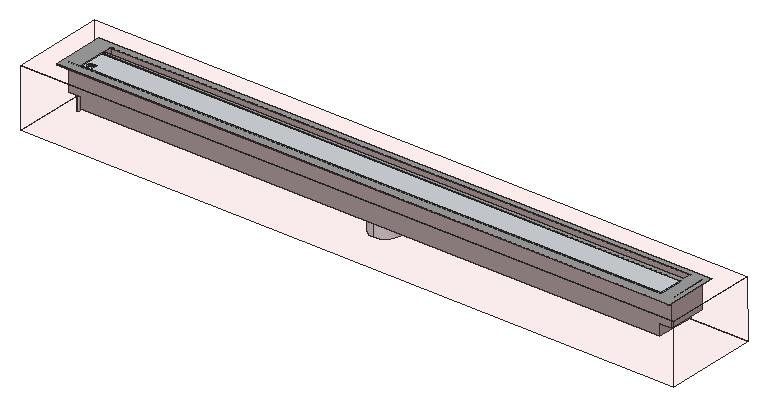
Revit family "York CB-ABW-YK - Sidewall Active Chilled Beam, Face Base, Revit 2015 R1.0", category Mechanical Equipment, host Face, Revit 2015
Parameters (values of type "CB-ABW-YK")
  X Blade distance = 1/2"  # constant formula
  Water Connection Location Selection = 0
  Select the Water-Coil Connection Side = 1
  Velocity Pressure [instance] = 0.00 in-wg
  URL = "http://www.york.com"
  Total Static Pressure [instance] = 0.00 in-wg
  Total Heating Capacity [instance] = 0.0 Btu/h
  York Products [instance] = "http://www.york.com/for-your-workplace/air-systems/chilled-beams"
  Throw [instance] = "0"
  Supply Air Pressure Drop [instance] = 0.00 in-wg
  Series [instance] = "Chilled Beam"  # constant formula
  Sensible Cooling Capacity [instance] = 0.0 Btu/h
  Selected Pipe Connection Type [instance] = if([SWT - Sweat], "SWT - Sweat", if([MPT - Male Pipe Thread], "MPT - Male Pipe Thread", if([H12 - SS Flex Hose - 12 inch], "H12 - SS Flex Hose - 12inch", if([H18 - SS Flex Hose - 18 inch], "H18 - SS Flex Hose - 18inch", if([H24 - SS Flex Hose - 24 inch], "H24 - SS Flex Hose - 24inch", "Invalid Selection")))))  # "SWT - Sweat"
  Selected Air Nozzle Configuration [instance] = if(B1, "B1", if(B2, "B2", if(B3, "B3", if(B4, "B4", ""))))  # "B1"
  Selected Nominal Beam Length [instance] = if([2 ft], "2ft", if([3 ft], "3ft", if([4 ft], "4ft", if([5 ft], "5ft", if([6 ft], "6ft", if([7 ft], "7ft", if([8 ft], "8ft", if([9 ft], "9ft", if([10 ft], "10ft", "Invalid Selection")))))))))  # "10ft"
  Selected Air Inlet Size [instance] = if([4" Dia.], "4'' Dia.", if([5" Dia.], "5'' Dia.", if([6" Dia.], "6'' Dia.", if([8" Oval Inlet], "8'' Oval Inlet", "Invalid Selected"))))  # "6'' Dia."
  Select a Return Grille Type = 2
  Select a Finish = ""
  Relative Humidity [instance] = 0.00%
  Product Manufacture [instance] = "York"  # constant formula
  Product Documents [instance] = "http://www.york.com/for-your-workplace/air-systems/chilled-beams/side-wall-concealed-active-chilled-beams"
  Pipe Connector cold Supply = "CWF"
  Pipe Connector Hot Supply = "HWF"
  Pipe Connector Hot Return = "HWR"
  Pipe Connector Cold Return = "CWR"
  Manufacturer = "York"  # constant formula
  Description = "Sidewall / Bulkhead Mounted Active Chilled Beam"  # constant formula
  Controller Software [instance] = "http://www.york.com/Search?searchString=software#"
  Performance Data Sheets [instance] = "http://www.johnsoncontrols.com/-/media/jci/be/united-states/airside-systems/chilled-beams/files/york-chilled-beam-active-sidewall.pdf?la=en"
  Perforated Circle R = 1/4"  # constant formula
  Oval Inlet Visible = [8" Oval Inlet]  # no
  Noise Criteria (dB) [instance] = 0
  Neck Velocity [instance] = 0 FPM
  Neck Size = 0"
  Min Flow (CFM) [instance] = 0 CFM
  Max Flow (CFM) [instance] = 0 CFM
  Material Selected [instance] = "Casing:  G90 20GA Galvanealed sheet metal"  # constant formula
  Hot Pipe Dia = Hot Water pipe R * 2  # 1/2"
  Heating Water Leaving Temperature [instance] = -459.67 °F
  Heating Water Entering Temperature [instance] = -459.67 °F
  Heating Water Connection Diameter [instance] = 0"
  Heating Water Capacity [instance] = 0.0 Btu/h
  Heating Leaving Dry Bulb Temperature [instance] = -459.67 °F
  Heating Entering Dry Bulb Temperature [instance] = -459.67 °F
  Heating Coil Water Pressure Drop [instance] = 0.00 psi
  Heating Air Capacity [instance] = 0.0 Btu/h
  Select the Plenum Liner (External) = 1
  Design Supply Air Flow [instance] = 0 CFM
  Cooling Water Capacity [instance] = 0.0 Btu/h
  Cooling Leaving Dry Bulb Temperature [instance] = -459.67 °F
  Cooling Entering Dry Bulb Temperature [instance] = -459.67 °F
  Cooling Coil Water Pressure Drop [instance] = 0.00 psi
  Cooling Air Capacity [instance] = 0.0 Btu/h
  Cold Pipe Dia = Cold Water Pipe R * 2  # 1/2"
  Select a Water-Coil Type = 1
  Coil Accessory [instance] = ""
  Clerance [instance] = yes
  Clearance border = 4"  # constant formula
  Clearance = Clearance
  Circular Inlet Visible = not([8" Oval Inlet])  # yes
  Chilled Water Leaving Temperature [instance] = -459.67 °F
  Chilled Water Entering Temperature [instance] = -459.67 °F
  Chilled Water Connection Diameter [instance] = 0"
  Model Description [instance] = if(and([2P1C - 2 Pipe Coil], [L - Left Hand]), " CB-ABW-YK, 2 - Pipe Coil, Left Hand", if(and([2P1C - 2 Pipe Coil], [R - Right Hand]), "CB-ABW-YK, 2 - Pipe Coil, Right Hand", if(and([4P1C - 4 Pipe Coil], [L - Left Hand]), " CB-ABW-YK, 4 - Pipe Coil, Left Hand", if(and([4P1C - 4 Pipe Coil], [R - Right Hand]), " CB-ABW-YK, 4 - Pipe Coil, Right Hand", " Select Model"))))  # " CB-ABW-YK, 2 - Pipe Coil, Left Hand"
  Model = if(and([2P1C - 2 Pipe Coil], [L - Left Hand]), " CB-ABW-YK, 2 - Pipe Coil, Left Hand", if(and([2P1C - 2 Pipe Coil], [R - Right Hand]), "CB-ABW-YK, 2 - Pipe Coil, Right Hand", if(and([4P1C - 4 Pipe Coil], [L - Left Hand]), " CB-ABW-YK, 4 - Pipe Coil, Left Hand", if(and([4P1C - 4 Pipe Coil], [R - Right Hand]), " CB-ABW-YK, 4 - Pipe Coil, Right Hand", " Select Model"))))  # " CB-ABW-YK, 2 - Pipe Coil, Left Hand"
  Material = Casing:  G90 20GA Galvanealed sheet metal
  Selected Finish [instance] = if([26 - White], "26 - White", if([84 - Black Paint], "84 - Black Paint", " Select Finish"))  # "26 - White"
  Copyright © [instance] = "©2018, York"  # constant formula
  Contact a York Rep [instance] = "http://www.york.com/for-your-home/find-a-dealer?q="
  M - Manual Air Vent [instance] = 1 = 1  # yes
  Blade Length = C - (3.35" * 2)  # 115.425"
  Selected Model [instance] = Model Description  # " CB-ABW-YK, 2 - Pipe Coil, Left Hand"
  Room Tag [instance] = "Enter Tag Here"
  Select a Pipe Connection Type = 1
  H24 - SS Flex Hose - 24 inch = or(Select a Pipe Connection Type > 4, Select a Pipe Connection Type = 5)  # no
  H18 - SS Flex Hose - 18 inch = Select a Pipe Connection Type = 4  # no
  H12 - SS Flex Hose - 12 inch = Select a Pipe Connection Type = 3  # no
  MPT - Male Pipe Thread = Select a Pipe Connection Type = 2  # no
  SWT - Sweat = or(Select a Pipe Connection Type < 1, Select a Pipe Connection Type = 1)  # yes
  D - Drain [instance] = no
  Ambient Temperature [instance] = -459.67 °F
  Air Flow Pattern [instance] = "0"
  Actual Heating Water Flow [instance] = 0 GPM
  Actual Chilled Water Flow [instance] = 0 GPM
  0 - No Insulation = [Select the Plenum Liner (External)] < 2  # yes
  Selected Water-Coil Connection Location [instance] = if([2P1C - 2 Pipe Coil], if([L - Left Hand], "L - Left Hand CW Connection ", "R - Right Hand CW Connection"), if([L - Left Hand], "L - Left Hand CW Connection and RT side HW conection", "R - Right Hand CW Connection and LT side HW conection"))  # "L - Left Hand CW Connection "
  R - Right Hand = [Select the Water-Coil Connection Side] > 1  # no
  Selected Plenum Liner (External) [instance] = if([L - ½ in Ecosheild (Foil Face)], "L - ½ in Ecosheild (Foil Face)", "0 - No Insulation")  # "0 - No Insulation"
  L - ½ in Ecosheild (Foil Face) = [Select the Plenum Liner (External)] > 1  # no
  L - Left Hand = [Select the Water-Coil Connection Side] < 2  # yes
  Selected Water-Coil Type [instance] = if([2P1C - 2 Pipe Coil], "2P1C - 2 Pipe Coil", "4P1C - 4 Pipe Coil")  # "2P1C - 2 Pipe Coil"
  Circular Perforation = Select a Return Grille Type > 1  # yes
  Selected Return Grille Type [instance] = if(Linear Bar Grille, "Linear Bar Grille", "Circular Perforation")  # "Circular Perforation"
  Select an Air Nozzle Configuration = 1
  Linear Bar Grille = Select a Return Grille Type < 2  # no
  B4 = or(Select an Air Nozzle Configuration = 4, Select an Air Nozzle Configuration > 3)  # no
  B3 = Select an Air Nozzle Configuration = 3  # no
  B2 = Select an Air Nozzle Configuration = 2  # no
  B1 = or(Select an Air Nozzle Configuration = 1, Select an Air Nozzle Configuration < 1)  # yes
  B - Other Nominal Inlet = 3 7/8"
  A - Other Nominal Length = 24"
  Cold Water Pipe R = 1/4"  # constant formula
  Outer Flange W = 10 1/2"  # constant formula
  Select a Nominal Beam Length = 9
  Select the Nominal Air Inlet Size = 3
  Hot Water pipe R = 1/4"  # constant formula
  Default Elevation = 48"
  C - Other Nominal Length = C  # 122 1/8"
  C = A + 2 1/8"  # 122 1/8"
  B = if([4" Dia.], 3 7/8", if([5" Dia.], 4 7/8", if([6" Dia.], 5 7/8", if([8" Oval Inlet], 5 1/4", [B - Other Nominal Inlet]))))  # 5 7/8"
  Angle of Hot Water = if([L - Left Hand], 180.00°, 0.00°)  # 180.00°
  Angle L = (C - (2 1/16" * 2)) / 2  # 59"
  Angle of cold water = if([L - Left Hand], 0.00°, 180.00°)  # 0.00°
  A = if([2 ft], 24", if([3 ft], 36", if([4 ft], 48", if([5 ft], 60", if([6 ft], 72", if([7 ft], 84", if([8 ft], 96", if([9 ft], 108", if([10 ft], 120", [A - Other Nominal Length])))))))))  # 120"
  9 ft = Select a Nominal Beam Length = 8  # no
  8 ft = Select a Nominal Beam Length = 7  # no
  84 - Black Paint = not([26 - White])  # no
  8" Oval Inlet = or(Select the Nominal Air Inlet Size > 4, Select the Nominal Air Inlet Size = 4)  # no
  7 ft = Select a Nominal Beam Length = 6  # no
  6 ft = Select a Nominal Beam Length = 5  # no
  6" Dia. = Select the Nominal Air Inlet Size = 3  # yes
  5 ft = Select a Nominal Beam Length = 4  # no
  5" Dia. = Select the Nominal Air Inlet Size = 2  # no
  4 ft = Select a Nominal Beam Length = 3  # no
  4" Dia. = or(Select the Nominal Air Inlet Size < 1, Select the Nominal Air Inlet Size = 1)  # no
  3 ft = Select a Nominal Beam Length = 2  # no
  2 ft = or(Select a Nominal Beam Length < 1, Select a Nominal Beam Length = 1)  # no
  26 - White = yes
  4P1C - 4 Pipe Coil = [Select a Water-Coil Type] > 1  # no
  2P1C - 2 Pipe Coil = [Select a Water-Coil Type] < 2  # yes
  10 ft = or(Select a Nominal Beam Length = 9, Select a Nominal Beam Length > 9)  # yes
  (2) Back Supply = Water Connection Location Selection > 1  # no
  (1) Front Supply = Water Connection Location Selection = 1  # no
  (0) Front and Back Supply = Water Connection Location Selection < 1  # yes
Reference planes (in)
  plane 1 "Center (Front/Back)": y = 0
  plane 2: z = 0
  plane 3 "Center (Left/Right)": x = 0
  plane 4: x = -61.0625
  plane 5: x = 61.0625
  plane 6: y = -3.5
  plane 7: x = -60
  plane 8: x = 60
  plane 9: z = -5.295
  plane 10: z = 0
  plane 11: z = -7.545
  plane 12: x = -57.7125
  plane 13: x = 57.7125
  plane 14: y = 4.125
  plane 15: y = 5.25
  plane 16: y = -5.25
  plane 17: z = 0.08
  plane 18: x = -59
  plane 19: x = 59
  plane 20: y = 1.455
  plane 21: y = -1.75
  plane 22: y = -2.35797
  plane 23: y = -0.63069
  plane 24: x = -14.09098
  plane 25: x = 14.09098
  plane 26: y = 0.205
  plane 27: y = 2.085
  plane 28: x = -57.2125
  plane 29: y = 1.24421
  plane 30: y = -3
  plane 31: z = -0.64358
  plane 32: x = -2.07213
  plane 33: x = 2.07213
  plane 34: y = 0.31998
  plane 35: y = -2.295
  plane 36: y = -2.295
Forms (in)
  Extrusion 1, solid, material "Casing:  G90 20GA Galvanealed sheet metal" <- "Material", detail levels medium+fine
    sketch origin (0, 5.32472, -3.06751) x (1, 0, 0) y (0, 0, -1)
      loop
        line (-61.0625, -3.06751) -> (-61.0625, -3.14751) -> (61.0625, -3.14751) -> (61.0625, -3.06751) -> (-61.0625, -3.06751)
    from -0.07472 to -10.57472
  Extrusion 2, solid, material "Casing:  G90 20GA Galvanealed sheet metal" <- "Material", detail levels medium+fine
    sketch origin (0, 5.32472, -3.06751) x (1, 0, 0) y (0, 0, -1)
      loop
        line (-60, -3.06751) -> (60, -3.06751) -> (60, 2.22749) -> (-60, 2.22749) -> (-60, -3.06751)
    from -1.19972 to -8.82472
  Extrusion 3, solid, material "Casing:  G90 20GA Galvanealed sheet metal" <- "Material", detail levels medium+fine
    sketch origin (0, 5.32472, -3.06751) x (1, 0, 0) y (0, 0, -1)
      loop
        line (-57.7125, 4.47749) -> (-57.7125, 2.22749) -> (57.7125, 2.22749) -> (57.7125, 4.47749) -> (-57.7125, 4.47749)
    from -1.19972 to -8.82472
  Extrusion 4, void
    sketch origin (15.5625, 5.32472, 0.625) x (0, -1, 0) y (-1, 0, 0)
      loop
        line (1.2339, 73.275) -> (1.2339, -42.15) -> (2.8639, -42.15) -> (2.8639, 73.275) -> (1.2339, 73.275)
    from 0.545 to 5.92
  Extrusion 5, void
    sketch origin (15.5625, 5.57472, 0.625) x (-1, 0, 0) y (0, -1, 0)
      loop
        line (73.275, 3.8289) -> (73.275, 8.9589) -> (-42.15, 8.9589) -> (-42.15, 3.8289) -> (73.275, 3.8289)
    from -0.545 to -1.26858
  Extrusion 6, solid, visible <- "Circular Inlet Visible", detail levels medium+fine
    sketch origin (-57.7125, 5.32472, -7.545) x (0, -1, 0) y (-1, 0, 0)
      loop
        circle (5.01222, -57.7125) r 2.9375
    from 0 to 3
  Revolve 7, solid, detail levels medium+fine
    sketch origin (-59, 1.455, 0) x (0, 0, 1) y (0, 1, 0)
      loop
        line (-5.295, 0.25) -> (-7.78012, 0.25) -> (-7.78012, 0) -> (-5.295, 0) -> (-5.295, 0.25)
      axis (-5.295, 0) -> (-7.78012, 0)
    angle from 0 to 360
  Revolve 8, solid, detail levels medium+fine
    sketch origin (-59, 1.455, 0) x (0, 0, 1) y (0, 1, 0)
      loop
        line (-5.295, -3.5) -> (-8.77477, -3.5) -> (-8.77477, -3.75) -> (-5.295, -3.75) -> (-5.295, -3.5)
      axis (-5.295, -3.75) -> (-8.77477, -3.75)
    angle from 0 to 360
  Revolve 9, solid, visible <- "4P1C - 4 Pipe Coil", detail levels medium+fine
    sketch origin (59, 1.455, 0) x (0, 0, 1) y (0, -1, 0)
      loop
        line (-5.295, -0.88) -> (-5.295, -0.63) -> (-7.795, -0.63) -> (-7.795, -0.88) -> (-5.295, -0.88)
      axis (-5.295, -0.63) -> (-7.795, -0.63)
    angle from 0 to 360
  Revolve 10, solid, visible <- "4P1C - 4 Pipe Coil", detail levels medium+fine
    sketch origin (59, 2.1425, 0) x (0, 0, 1) y (0, -1, 0)
      loop
        line (-5.295, 1.6875) -> (-5.295, 1.9375) -> (-8.795, 1.9375) -> (-8.795, 1.6875) -> (-5.295, 1.6875)
      axis (-5.295, 1.9375) -> (-8.795, 1.9375)
    angle from 0 to 360
  Extrusion 11, solid, visible <- "Linear Bar Grille", detail levels medium+fine
    sketch origin (0, 0.11743, -2.32117) x (1, 0, 0) y (0, 1, 0)
      loop
        line (-57.7125, 1.12839) -> (-57.7125, 1.00339) -> (57.7125, 1.00339) -> (57.7125, 1.12839) -> (-57.7125, 1.12839)
    from 2.40117 to 1.67201
  Extrusion 12, solid, visible <- "Linear Bar Grille", detail levels medium+fine
    sketch origin (0, -4.00179, -2.32117) x (1, 0, 0) y (0, 1, 0)
      loop
        line (-57.7125, 1.12839) -> (-57.7125, 1.00339) -> (57.7125, 1.00339) -> (57.7125, 1.12839) -> (-57.7125, 1.12839)
    from 2.40117 to 1.67201
  Extrusion 13, solid, visible <- "Linear Bar Grille", detail levels medium+fine
    sketch origin (0, -0.34026, -2.32117) x (1, 0, 0) y (0, 1, 0)
      loop
        line (-57.7125, 1.12839) -> (-57.7125, 1.00339) -> (57.7125, 1.00339) -> (57.7125, 1.12839) -> (-57.7125, 1.12839)
    from 2.40117 to 1.67201
  Extrusion 14, solid, visible <- "Linear Bar Grille", detail levels medium+fine
    sketch origin (0, -0.79795, -2.32117) x (1, 0, 0) y (0, 1, 0)
      loop
        line (-57.7125, 1.12839) -> (-57.7125, 1.00339) -> (57.7125, 1.00339) -> (57.7125, 1.12839) -> (-57.7125, 1.12839)
    from 2.40117 to 1.67201
  Extrusion 15, solid, visible <- "Linear Bar Grille", detail levels medium+fine
    sketch origin (0, -1.25564, -2.32117) x (1, 0, 0) y (0, 1, 0)
      loop
        line (-57.7125, 1.12839) -> (-57.7125, 1.00339) -> (57.7125, 1.00339) -> (57.7125, 1.12839) -> (-57.7125, 1.12839)
    from 2.40117 to 1.67201
  Extrusion 16, solid, visible <- "Linear Bar Grille", detail levels medium+fine
    sketch origin (0, -1.71333, -2.32117) x (1, 0, 0) y (0, 1, 0)
      loop
        line (-57.7125, 1.12839) -> (-57.7125, 1.00339) -> (57.7125, 1.00339) -> (57.7125, 1.12839) -> (-57.7125, 1.12839)
    from 2.40117 to 1.67201
  Extrusion 17, solid, visible <- "Linear Bar Grille", detail levels medium+fine
    sketch origin (0, -2.17103, -2.32117) x (1, 0, 0) y (0, 1, 0)
      loop
        line (-57.7125, 1.12839) -> (-57.7125, 1.00339) -> (57.7125, 1.00339) -> (57.7125, 1.12839) -> (-57.7125, 1.12839)
    from 2.40117 to 1.67201
  Extrusion 18, solid, visible <- "Linear Bar Grille", detail levels medium+fine
    sketch origin (0, -2.62872, -2.32117) x (1, 0, 0) y (0, 1, 0)
      loop
        line (-57.7125, 1.12839) -> (-57.7125, 1.00339) -> (57.7125, 1.00339) -> (57.7125, 1.12839) -> (-57.7125, 1.12839)
    from 2.40117 to 1.67201
  Extrusion 19, solid, visible <- "Linear Bar Grille", detail levels medium+fine
    sketch origin (0, -3.08641, -2.32117) x (1, 0, 0) y (0, 1, 0)
      loop
        line (-57.7125, 1.12839) -> (-57.7125, 1.00339) -> (57.7125, 1.00339) -> (57.7125, 1.12839) -> (-57.7125, 1.12839)
    from 2.40117 to 1.67201
  Extrusion 20, solid, visible <- "Linear Bar Grille", detail levels medium+fine
    sketch origin (0, -3.5441, -2.32117) x (1, 0, 0) y (0, 1, 0)
      loop
        line (-57.7125, 1.12839) -> (-57.7125, 1.00339) -> (57.7125, 1.00339) -> (57.7125, 1.12839) -> (-57.7125, 1.12839)
    from 2.40117 to 1.67201
  Extrusion 21, solid, visible <- "Circular Perforation", detail levels medium+fine
    sketch origin (39.7125, 5.32472, 0.08) x (-1, 0, 0) y (0, -1, 0)
      loop
        line (97.425, 3.5789) -> (97.425, 8.7089) -> (-18, 8.7089) -> (-18, 3.5789) -> (97.425, 3.5789)
    from 0 to -0.72358
  Extrusion 22, void, detail levels medium+fine
    sketch origin (39.7125, 5.32472, -0.64358) x (0, -1, 0) y (-1, 0, 0)
      loop
        circle (7.35667, 96.62014) r 0.25
      loop
        circle (7.34911, 96.11336) r 0.25
      loop
        circle (7.35667, 95.60676) r 0.25
    from 0 to -0.72358
  Extrusion 23, void, detail levels medium+fine
    sketch origin (39.7125, 4.73678, -0.64358) x (0, -1, 0) y (-1, 0, 0)
      loop
        circle (7.35667, 96.62014) r 0.25
      loop
        circle (7.34911, 96.11336) r 0.25
      loop
        circle (7.35667, 95.60676) r 0.25
    from 0 to -0.72358
  Extrusion 24, solid, material "Clearance" <- "Clearance", visible <- "Clerance", detail levels medium+fine
    sketch origin (39.7125, 5.32472, -0.64358) x (0, -1, 0) y (-1, 0, 0)
      loop
        line (-3.92528, 104.775) -> (-3.92528, -25.35) -> (14.57472, -25.35) -> (14.57472, 104.775) -> (-3.92528, 104.775)
    from -0.72358 to 10.90142
  Extrusion 25, solid, visible <- "Oval Inlet Visible", detail levels medium+fine
    sketch origin (-60, 5.32472, 0) x (1, 0, 0) y (0, 1, 0)
      loop
        arc (57.92787, -2.37249) -> (55.29562, -5.00474) -> (57.92787, -7.63699) r 2.63225
        line (57.92787, -7.63699) -> (62.07213, -7.63699)
        arc (62.07213, -7.63699) -> (64.70438, -5.00474) -> (62.07213, -2.37249) r 2.63225
        line (62.07213, -2.37249) -> (57.92787, -2.37249)
    from -7.545 to -10.545
Cuts and joins
  Extrusion 4, Extrusion 5 cuts Extrusion 1
  Extrusion 4, Extrusion 5 cuts Extrusion 2
  Extrusion 4 cuts Extrusion 3
  joined: Extrusion 2, Extrusion 3
  Extrusion 23 cuts Extrusion 19
  Extrusion 22, Extrusion 23 cuts Extrusion 21
Lines and regions (in)
  reference lines
    curve 1: line (0, 1.455, 0) -> (-59, 1.455, 0)
    curve 2: line (0, 1.455, 0) -> (59, 1.455, 0)
  model lines, style "Line W", detail levels coarse
    curve 3: line (-61.0625, 5.25, 0.08) -> (61.0625, 5.25, 0.08)
    curve 4: line (-61.0625, -5.25, 0.08) -> (-61.0625, 5.25, 0.08)
    curve 5: line (61.0625, -5.25, 0.08) -> (-61.0625, -5.25, 0.08)
    curve 6: line (61.0625, 5.25, 0.08) -> (61.0625, -5.25, 0.08)
    curve 7: line (-60, 4.125, 0.08) -> (-60, -3.5, 0.08)
    curve 8: line (-60, 4.125, -5.295) -> (-60, 4.125, 0.08)
    curve 9: line (-60, -3.5, -5.295) -> (-60, 4.125, -5.295)
    curve 10: line (-60, -3.5, 0.08) -> (-60, -3.5, -5.295)
    curve 11: line (60, -3.5, 0.08) -> (60, 4.125, 0.08)
    curve 12: line (60, -3.5, -5.295) -> (60, -3.5, 0.08)
    curve 13: line (60, 4.125, -5.295) -> (60, -3.5, -5.295)
    curve 14: line (60, 4.125, 0.08) -> (60, 4.125, -5.295)
    curve 15: line (-60, 4.125, -5.295) -> (60, 4.125, -5.295)
    curve 16: line (-60, -3.5, -5.295) -> (-60, 4.125, -5.295)
    curve 17: line (60, -3.5, -5.295) -> (-60, -3.5, -5.295)
    curve 18: line (60, 4.125, -5.295) -> (60, -3.5, -5.295)
Dimensions and locks (in)
  equal spacing: plane 5, plane 3 "Center (Left/Right)", plane 4
  "C": plane 5 to plane 4
  equal spacing: plane 7, plane 3 "Center (Left/Right)", plane 8
  "A": plane 7 to plane 8
  equal spacing: plane 4, plane 3 "Center (Left/Right)", plane 5
  equal spacing: plane 12, plane 3 "Center (Left/Right)", plane 13
  plane 10 to plane 2 = 0"
  equal spacing: plane 15, plane 1 "Center (Front/Back)", plane 16
  locked: plane 11 to plane 9 at 2.25
  "Outer Flange W": plane 16 to plane 15
  locked: plane 14 to plane 15 at 1.125
  locked: plane 17 to plane 2 at 0.08
  locked: plane 16 to plane 6 at 1.75
  locked: plane 7 to plane 18 at 1
  locked: plane 19 to plane 8 at 1
  "Cold Water Pipe R": Revolve 7 sketch curve to Revolve 7 sketch curve
  "Hot Water pipe R": Revolve 9 sketch curve to Revolve 9 sketch curve
  "Angle L": curve 1 to curve 1
  "Angle L": curve 2 to curve 2
  locked: Extrusion 5 sketch curve to Extrusion 5 sketch curve at 5.13
  locked: Extrusion 4 sketch curve to Extrusion 4 sketch curve at 1.63
  Extrusion 4 sketch curve to plane 15 = 1.15918"
  equal spacing: plane 25, plane 3 "Center (Left/Right)", plane 24
  locked: Revolve 10 sketch curve to plane 9 at 3.5
  locked: Revolve 9 sketch curve to plane 9 at 2.5
  Revolve 8 sketch curve to plane 9 = 3.47977"
  Revolve 7 sketch curve to plane 9 = 2.48512"
  locked: Extrusion 5 sketch curve to cut or joined group of Extrusion 1, Extrusion 4, Extrusion 5 at 0.715
  locked: Extrusion 11 sketch curve to Extrusion 11 sketch curve at 0.125
  locked: Extrusion 12 sketch curve to Extrusion 12 sketch curve at 0.125
  equal spacing: group 1, group 3, group 4, group 5, group 6, group 7, group 8, group 9, group 10, group 2  (x2)
  equal spacing: group 2, group 10, group 9, group 8, group 7, group 6, group 5, group 4, group 3, group 1
  locked: Extrusion 13 sketch curve to Extrusion 13 sketch curve at 0.125
  locked: Extrusion 14 sketch curve to Extrusion 14 sketch curve at 0.125
  locked: Extrusion 15 sketch curve to Extrusion 15 sketch curve at 0.125
  "X Blade distance": cut or joined group of Extrusion 1, Extrusion 4, Extrusion 5 to Extrusion 11
  locked: Extrusion 16 sketch curve to Extrusion 16 sketch curve at 0.125
  locked: Extrusion 17 sketch curve to Extrusion 17 sketch curve at 0.125
  locked: Extrusion 18 sketch curve to Extrusion 18 sketch curve at 0.125
  locked: Extrusion 19 sketch curve to Extrusion 19 sketch curve at 0.125
  locked: Extrusion 20 sketch curve to Extrusion 20 sketch curve at 0.125
  "Blade Length": Extrusion 11 sketch curve to Extrusion 11 sketch curve
  "Blade Length": Extrusion 12 sketch curve to Extrusion 12 sketch curve
  "Blade Length": Extrusion 13 sketch curve to Extrusion 13 sketch curve
  "Blade Length": Extrusion 14 sketch curve to Extrusion 14 sketch curve
  "Blade Length": Extrusion 15 sketch curve to Extrusion 15 sketch curve
  "Blade Length": Extrusion 16 sketch curve to Extrusion 16 sketch curve
  "Blade Length": Extrusion 17 sketch curve to Extrusion 17 sketch curve
  "Blade Length": Extrusion 18 sketch curve to Extrusion 18 sketch curve
  "Blade Length": Extrusion 19 sketch curve to Extrusion 19 sketch curve
  "Blade Length": Extrusion 20 sketch curve to Extrusion 20 sketch curve
  "X Blade distance": plane 30 to plane 6
  "X Blade distance": plane 12 to plane 28
  locked: plane 31 to plane 10 at 0.64358
  locked: plane 12 to cut or joined group of Extrusion 21, Extrusion 22, Extrusion 23 at 0.55486
  locked: cut or joined group of Extrusion 21, Extrusion 22, Extrusion 23 to cut or joined group of Extrusion 21, Extrusion 22, Extrusion 23 at 0.55486
  "Clearance border": plane 15 to Extrusion 24 sketch curve
  "Clearance border": Extrusion 24 sketch curve to plane 4
  "Clearance border": Extrusion 24 sketch curve to plane 16
  "Clearance border": plane 5 to Extrusion 24 sketch curve
  "Clearance border": Extrusion 24 to plane 11
  "Clearance border": Extrusion 24 to plane 15
  "Clearance border": plane 16 to Extrusion 24
  locked: nested 1 to plane 17 at 6
  locked: plane 17 to nested 2 at 6
  cut or joined group of Extrusion 2, Extrusion 3, Extrusion 4, Extrusion 5 to cut or joined group of Extrusion 2, Extrusion 3, Extrusion 4, Extrusion 5 = 7 5/8"
  equal spacing: cut or joined group of Extrusion 2, Extrusion 3, Extrusion 4, Extrusion 5, Extrusion 6 sketch curve, cut or joined group of Extrusion 2, Extrusion 3, Extrusion 4, Extrusion 5
  locked: plane 17 to plane 9 at 5.375
  equal spacing: plane 32, plane 3 "Center (Left/Right)", plane 33
  locked: plane 14 to plane 20 at 2.67
  "Hot Water pipe R": Revolve 10 sketch curve to Revolve 10 sketch curve
  "Hot Water pipe R": Revolve 8 sketch curve to Revolve 8 sketch curve
  locked: plane 14 to plane 36 at 6.42
  locked: plane 14 to plane 27 at 2.04
  locked: plane 14 to plane 26 at 3.92
  locked: plane 4 to plane 12 at 3.35
  "B": diameter of Extrusion 6 sketch curve
  "Perforated Circle R": radius of Extrusion 22 sketch curve
  radius of Extrusion 22 sketch curve = 1/4"
  "Perforated Circle R": radius of Extrusion 23 sketch curve
  radius of Extrusion 23 sketch curve = 1/4"
  "Angle of cold water": angle curve 1 to plane 20
  "Angle of Hot Water": angle plane 20 to curve 2
  aligned and locked: plane 2 to host face
  aligned and locked: level to host face
  aligned and locked: Extrusion 1 sketch curve to plane 10
  aligned and locked: plane 5 to Extrusion 1 sketch curve
  aligned and locked: Extrusion 2 sketch curve to plane 10
  aligned and locked: Extrusion 2 sketch curve to plane 7
  aligned and locked: Extrusion 2 sketch curve to plane 9
  aligned and locked: plane 8 to Extrusion 2 sketch curve
  aligned and locked: Extrusion 3 sketch curve to plane 11
  aligned and locked: plane 12 to Extrusion 3 sketch curve
  aligned and locked: Extrusion 3 sketch curve to plane 9
  aligned and locked: Extrusion 3 sketch curve to plane 13
  aligned and locked: Extrusion 2 to plane 6
  aligned and locked: Extrusion 3 to plane 6
  aligned and locked: Extrusion 4 sketch curve to plane 12
  aligned and locked: plane 13 to Extrusion 4 sketch curve
  aligned and locked: plane 12 to Extrusion 5 sketch curve
  aligned and locked: Extrusion 5 sketch curve to plane 13
  aligned and locked: plane 14 to cut or joined group of Extrusion 2, Extrusion 3, Extrusion 4, Extrusion 5
  aligned and locked: plane 16 to Extrusion 1
  aligned and locked: Extrusion 1 to plane 15
  aligned and locked: plane 10 to plane 2
  aligned and locked: plane 17 to cut or joined group of Extrusion 1, Extrusion 4, Extrusion 5
  aligned and locked: plane 3 "Center (Left/Right)" to curve 1
  aligned and locked: plane 20 to curve 1
  aligned and locked: plane 20 to Revolve 7 sketch curve
  aligned and locked: cut or joined group of Extrusion 2, Extrusion 3, Extrusion 4, Extrusion 5 to Extrusion 3
  aligned and locked: plane 9 to Revolve 7 sketch curve
  aligned and locked: Revolve 7 sketch curve to Revolve 7 sketch curve
  aligned and locked: plane 9 to Revolve 8 sketch curve  (x2)
  aligned and locked: plane 9 to Revolve 9 sketch curve
  aligned and locked: Revolve 9 sketch curve to Revolve 9 sketch curve
  aligned and locked: Revolve 10 sketch curve to Revolve 10 sketch curve  (x2)
  aligned and locked: Extrusion 1 to Extrusion 4
  aligned and locked: Extrusion 1 to Extrusion 5
  aligned and locked: plane 3 "Center (Left/Right)" to Extrusion 6 sketch curve
  aligned and locked: Revolve 10 sketch curve to plane 9
  aligned and locked: plane 27 to Revolve 9 sketch curve  (x2)
  aligned and locked: Revolve 10 sketch curve to plane 26
  aligned and locked: plane 9 to Extrusion 4
  aligned and locked: plane 17 to Extrusion 11
  aligned and locked: Extrusion 11 to plane 12  (x3)
  aligned and locked: Extrusion 13 to plane 12
  aligned and locked: plane 13 to Extrusion 11  (x2)
  aligned and locked: cut or joined group of Extrusion 2, Extrusion 3, Extrusion 4, Extrusion 5 to plane 31
  aligned and locked: Extrusion 21 sketch curve to cut or joined group of Extrusion 1, Extrusion 4, Extrusion 5  (x4)
  aligned and locked: Extrusion 21 to cut or joined group of Extrusion 2, Extrusion 3, Extrusion 4, Extrusion 5
  aligned and locked: cut or joined group of Extrusion 1, Extrusion 4, Extrusion 5 to Extrusion 23
  aligned and locked: cut or joined group of Extrusion 1, Extrusion 4, Extrusion 5 to Extrusion 22
  aligned and locked: Extrusion 24 to cut or joined group of Extrusion 1, Extrusion 4, Extrusion 5
  aligned and locked: curve 3 to cut or joined group of Extrusion 1, Extrusion 4, Extrusion 5
  aligned and locked: curve 4 to cut or joined group of Extrusion 1, Extrusion 4, Extrusion 5
  aligned and locked: curve 5 to cut or joined group of Extrusion 1, Extrusion 4, Extrusion 5
  aligned and locked: curve 6 to cut or joined group of Extrusion 1, Extrusion 4, Extrusion 5
  aligned and locked: curve 7 to Extrusion 24
  aligned and locked: plane 14 to curve 8
  aligned and locked: curve 9 to cut or joined group of Extrusion 2, Extrusion 3, Extrusion 4, Extrusion 5
  aligned and locked: curve 10 to cut or joined group of Extrusion 2, Extrusion 3, Extrusion 4, Extrusion 5
  aligned and locked: curve 11 to curve 7
  aligned and locked: curve 12 to curve 10
  aligned and locked: curve 13 to curve 9
  aligned and locked: curve 14 to curve 8
  aligned and locked: curve 15 to cut or joined group of Extrusion 2, Extrusion 3, Extrusion 4, Extrusion 5
  aligned and locked: curve 18 to curve 11
  aligned and locked: Extrusion 25 to plane 11
  aligned and locked: Extrusion 25 to Extrusion 6
  aligned and locked: plane 34 to Extrusion 25 sketch curve  (x2)
  aligned and locked: plane 32 to Extrusion 25 sketch curve
  aligned and locked: plane 33 to Extrusion 25 sketch curve
  aligned and locked: Revolve 8 sketch curve to plane 35
  aligned and locked: Revolve 8 sketch curve to Revolve 8 sketch curve
  aligned and locked: plane 36 to plane 35
Automatic sketch dimensions
  host sketch curve to host sketch curve = 96"  (x2)
  Extrusion 1 sketch curve to plane 4 = 0"
  Extrusion 1 sketch curve to plane 17 = 0"
  Extrusion 3 sketch curve to plane 9 = 0"
  plane 9 to Revolve 7 sketch curve = 0"
  Revolve 7 sketch curve to Revolve 7 sketch curve = 0.99187"
  Revolve 8 sketch curve to plane 11 = 3/4"
  Revolve 9 sketch curve to plane 11 = 0.74877"
  Revolve 10 sketch curve to plane 11 = 0.74877"
  curve 17 to Extrusion 2 = 0"  (x2)
  Extrusion 21 to Extrusion 22 sketch curve = 1.35979"
  Extrusion 22 sketch curve to Extrusion 22 sketch curve = 0.00756"  (x2)
  Extrusion 21 to Extrusion 22 sketch curve = 0.80486"
  Extrusion 22 sketch curve to Extrusion 22 sketch curve = 0.50678"
  Extrusion 22 sketch curve to Extrusion 22 sketch curve = 0.50661"
  Extrusion 21 to Extrusion 23 sketch curve = 0.77185"
  Extrusion 23 sketch curve to Extrusion 23 sketch curve = 0.00756"  (x2)
  Extrusion 21 to Extrusion 23 sketch curve = 0.80486"
  Extrusion 23 sketch curve to Extrusion 23 sketch curve = 0.50678"
  Extrusion 23 sketch curve to Extrusion 23 sketch curve = 0.50661"
  Extrusion 2 to Extrusion 25 sketch curve = 1.18773"
  radius of Extrusion 22 sketch curve = 1/4"
  radius of Extrusion 23 sketch curve = 1/4"
Nested families (in)
  nested 1: "Arrow - (Show Direction)" at (-59, -1.14723, 6.08) x (0, -1, 0) z (-1, 0, 0), type "Arrow", detail levels coarse
    with Arrow Hatch Yes/No no
  nested 2: "Arrow - (Show Direction)" at (0, 48, 6.08) x (-1, 0, 0) z (0, 1, 0), type "Arrow", detail levels coarse
    with Arrow Hatch Yes/No no
  nested 3: "Model Name" at (0, -0.63069, 0), type "Model Name"
Connectors (in)
  hvac at (0, 0.3125, -7.545), driven by "B"
    settings: on Extrusion 6, index 1, duct flow 0 CFM, flow factor 0, pres drop 0.00 in-wg, loss coef 0, conn angle 0.00°, conn width 12", conn height 12", conn diameter 5 7/8", duct sys type 1, conn prof type 0, flow config 0, flow direction 1, loss method 0, conn ref index -1, conn util no, is conn primary yes, conn desc ""
  piping at (-59, 1.455, -7.78012), diameter 0.5, driven by "Cold Pipe Dia", driven by "Pipe Connector cold Supply"
    settings: on Revolve 7, index 2, connector inside diameter 24", connector length 0", flow factor 0, pipe flow 0 GPM, pressure drop 0.00 psi, fitting loss kfactor 0, connector angle 0.00°, fixture units 0, engagement length 0", angle of deflection 0.00°, flow configuration 0, flow direction 1, fitting loss method 0, system type 20, joint type 0, gender type 0, connector reference index -1, connector utility 0, adjustable connector no, is connector primary yes, connector description "CWF"
  piping at (-59, -2.295, -8.77477), diameter 0.5, driven by "Cold Pipe Dia", driven by "Pipe Connector Cold Return"
    settings: on Revolve 8, index 3, connector inside diameter 24", connector length 0", flow factor 0, pipe flow 0 GPM, pressure drop 0.00 psi, fitting loss kfactor 0, connector angle 0.00°, fixture units 0, engagement length 0", angle of deflection 0.00°, flow configuration 0, flow direction 2, fitting loss method 0, system type 20, joint type 0, gender type 0, connector reference index -1, connector utility 0, adjustable connector no, is connector primary no, connector description "CWR"
  piping at (59, 0.205, -8.795), diameter 0.5, driven by "Hot Pipe Dia", driven by "Pipe Connector Hot Return"
    settings: on Revolve 10, index 4, connector inside diameter 24", connector length 0", flow factor 0, pipe flow 0 GPM, pressure drop 0.00 psi, fitting loss kfactor 0, connector angle 0.00°, fixture units 0, engagement length 0", angle of deflection 0.00°, flow configuration 0, flow direction 2, fitting loss method 0, system type 19, joint type 0, gender type 0, connector reference index -1, connector utility 0, adjustable connector no, is connector primary no, connector description "HWR"
  piping at (59, 2.085, -7.795), diameter 0.5, driven by "Hot Pipe Dia", driven by "Pipe Connector Hot Supply"
    settings: on Revolve 9, index 5, connector inside diameter 24", connector length 0", flow factor 0, pipe flow 0 GPM, pressure drop 0.00 psi, fitting loss kfactor 0, connector angle 0.00°, fixture units 0, engagement length 0", angle of deflection 0.00°, flow configuration 0, flow direction 1, fitting loss method 0, system type 19, joint type 0, gender type 0, connector reference index -1, connector utility 0, adjustable connector no, is connector primary no, connector description "HWF"
  hvac at (0, 0.31998, -7.545)
    settings: on Extrusion 25, index 6, duct flow 0 CFM, flow factor 0, pres drop 0.00 in-wg, loss coef 0, conn angle 0.00°, conn width 9 3/8", conn height 5 1/4", conn diameter 24", duct sys type 1, conn prof type 2, flow config 0, flow direction 0, loss method 0, conn ref index -1, conn util no, is conn primary no, conn desc ""
Definition of nested family "Arrow - (Show Direction)"
  Parameters (values of type "Arrow")
    Arrow Hatch Yes/No [instance] = yes
  Reference planes (in)
    plane 1 "Center (Front/Back)": y = 0
    plane 2: z = 0
    plane 3 "Center (Left/Right)": x = 0
  Lines and regions (in)
    Filled region 1, type "Solid Fill - RGB 192-192-192", in view "Ref. Level", visible <- "Arrow Hatch Yes/No", detail levels coarse
      outline origin (0, -10.07266, 0) x (0, 1, 0) y (-1, 0, 0)
        loop
          line (9.84252, 2.53887) -> (9.84252, 0.49213)
          arc (9.84252, 0.49213) -> (9.81205, 0.42573) -> (9.74422, 0.39862) r 0.09843
          line (9.74422, 0.39862) -> (6.00381, 0.58564)
          arc (6.00381, 0.58564) -> (5.93598, 0.55852) -> (5.90551, 0.49213) r 0.09843
          line (5.90551, 0.49213) -> (5.90551, -0.49213)
          arc (5.90551, -0.49213) -> (5.93598, -0.55852) -> (6.00381, -0.58564) r 0.09843
          line (6.00381, -0.58564) -> (9.74422, -0.39862)
          arc (9.74422, -0.39862) -> (9.81205, -0.42573) -> (9.84252, -0.49213) r 0.09843
          line (9.84252, -0.49213) -> (9.84252, -2.53887)
          arc (9.84252, -2.53887) -> (9.87183, -2.58685) -> (9.92803, -2.58855) r 0.05906
          line (9.92803, -2.58855) -> (14.12654, -0.19495)
          arc (14.12654, -0.19495) -> (14.23981, 0) -> (14.12654, 0.19495) r 0.22441
          line (14.12654, 0.19495) -> (9.92803, 2.58855)
          arc (9.92803, 2.58855) -> (9.87183, 2.58685) -> (9.84252, 2.53887) r 0.05906
    detail lines, in view "Ref. Level", detail levels coarse
      curve 1: line (-0.19495, 4.05388, 0) -> (-2.58855, -0.14464, 0)
      curve 2: line (0.19495, 4.05388, 0) -> (2.58855, -0.14464, 0)
      curve 3: line (-2.53887, -0.23014, 0) -> (-0.49213, -0.23014, 0)
      curve 4: line (0.49213, -0.23014, 0) -> (2.53887, -0.23014, 0)
      curve 5: line (-0.39862, -0.32844, 0) -> (-0.58564, -4.06885, 0)
      curve 6: line (-0.49213, -4.16715, 0) -> (0.49213, -4.16715, 0)
      curve 7: line (0.58564, -4.06885, 0) -> (0.39862, -0.32844, 0)
      curve 8: arc (-2.53887, -0.23014, 0) -> (-2.58685, -0.20083, 0) -> (-2.58855, -0.14464, 0) r 0.05906
      curve 9: arc (2.53887, -0.23014, 0) -> (2.58685, -0.20083, 0) -> (2.58855, -0.14464, 0) r 0.05906
      curve 10: arc (-0.39862, -0.32844, 0) -> (-0.42573, -0.26061, 0) -> (-0.49213, -0.23014, 0) r 0.09843
      curve 11: arc (0.39862, -0.32844, 0) -> (0.42573, -0.26061, 0) -> (0.49213, -0.23014, 0) r 0.09843
      curve 12: arc (-0.58564, -4.06885, 0) -> (-0.55852, -4.13668, 0) -> (-0.49213, -4.16715, 0) r 0.09843
      curve 13: arc (0.58564, -4.06885, 0) -> (0.55852, -4.13668, 0) -> (0.49213, -4.16715, 0) r 0.09843
      curve 14: arc (0.19495, 4.05388, 0) -> (0, 4.16715, 0) -> (-0.19495, 4.05388, 0) r 0.22441
Definition of nested family "Model Name"
  Parameters (values of type "Model Name")
    Width = 47/64"
    Model Name = "Enter Tag Here"
  Reference planes (in)
    plane 1: y = 0
    plane 2: x = 0
  Text (in)
    label "XX" at (-0.00532, -0.00012, 0), shows "Model Name"
